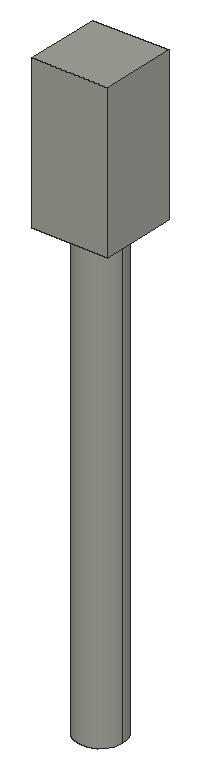
Revit family "Fundacao_Estaca_Bloco_1", category Structural Foundations, Revit 2025
Family settings
  Material for Model Behavior = Concrete
  Cap = No
  OmniClass Number = 23.25.05.11
  OmniClass Title = Foundation Piles
  Work Plane-Based = No
  Always vertical = Yes
  Cut with Voids When Loaded = No
  Shared = No
  Show family pre-cut in plan views = Yes
Parameters
  Width = 1000 mm
  Thickness = 2000 mm
  Structural Material [instance] = CT_Concreto
  Pile Type = Estaca : Estaca_60
  Length = 1000 mm
  Cut-off = 150 mm
  Assembly Code = "A1010130"
Reference planes
  plane 1 "Center (Front/Back)": y = 0
  plane 2: z = 0
  plane 3 "Center (Left/Right)": x = 0
  plane 4: x = -500
  plane 5: x = 500
  plane 6: y = 500
  plane 7: y = -500
  plane 8: z = -2000
  plane 9: z = -1850
Forms (mm)
  Extrusion 1, solid, material "CT_Concreto" <- "Structural Material"
    sketch origin (0, 0, 0) x (1, 0, 0) y (0, 1, 0)
      loop
        line (-500, 500) -> (-500, -500) -> (500, -500) -> (500, 500) -> (-500, 500)
    from -2000 to 0
Dimensions and locks
  "Width": plane 4 to plane 5
  "Length": plane 6 to plane 7
  equal spacing: plane 6, plane 1 "Center (Front/Back)", plane 7
  equal spacing: plane 4, plane 3 "Center (Left/Right)", plane 5
  "Thickness": plane 2 to plane 8
  "Cut-off": plane 9 to plane 8
  aligned and locked: plane 4 to Extrusion 1 sketch curve
  aligned and locked: Extrusion 1 sketch curve to plane 5
  aligned and locked: Extrusion 1 sketch curve to plane 6
  aligned and locked: plane 7 to Extrusion 1 sketch curve
  aligned and locked: level to Extrusion 1
  aligned and locked: Extrusion 1 to plane 8
  aligned and locked: plane 1 "Center (Front/Back)" to nested 1
  aligned and locked: plane 3 "Center (Left/Right)" to nested 1
  aligned and locked: nested 1 to plane 9
Nested families
  nested 1: "Estaca" at (0, 0, -2002), type <- "Pile Type", Structural Material <- "Structural Material", type "Estaca_60"
    with Structural Material CT_Concreto
Definition of nested family "Estaca"
  Parameters
    Structural Material [instance] = none
    Radius = Diameter / 2  # 300 mm
    Minimum Embedment = 152 mm
    Diameter = 600 mm
    Depth = 6000 mm
    Assembly Code = "A1020130"
  Reference planes
    plane 1 "Center (Front/Back)": y = 0
    plane 2: z = 0
    plane 3 "Center (Left/Right)": x = 0
    plane 4: z = -6000
    plane 5: z = 152
  Forms (mm)
    Extrusion 1, solid, material <- "Structural Material"
      sketch origin (0, 0, 0) x (1, 0, 0) y (0, 1, 0)
        loop
          circle (0, 0) r 300
      from -6000 to 152
  Dimensions and locks
    "Depth": plane 2 to plane 4
    "Minimum Embedment": plane 5 to plane 2
    "Radius": radius of Extrusion 1 sketch curve
    aligned and locked: Extrusion 1 to plane 4
    aligned and locked: Extrusion 1 to plane 5
  Automatic sketch dimensions
    Extrusion 1 sketch curve to plane 1 "Center (Front/Back)" = 0 mm
    Extrusion 1 sketch curve to plane 3 "Center (Left/Right)" = 0 mm
